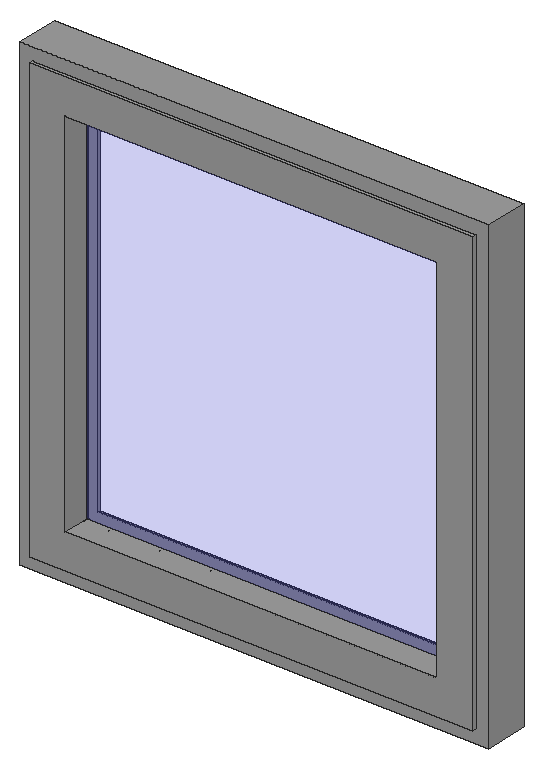
Revit family "3375 IC001_v02", category Windows, host Wall, Revit 2015
Parameters
  Wall Thickness [instance] = 0' - 6"
  URL = "obe.com"
  Rough Width = Width + 0' 0 1/2"  # 3' - 0 1/2"
  Rough Height = Height + 0' 0 1/2"  # 3' - 0 1/2"
  Offset Limitation [instance] = if((Offset + 0' 3 3/8") > Wall Thickness, (Wall Thickness - 0' 3 3/8"), Offset)  # 0' - 0"
  Offset [instance] = 0' - 0"
  Model = "3375 IC001"
  Manufacturer = "Oldcastle BuildingEnvelope®"
  Keynote = "08 51 00"
  Height = 3' - 0"
  Glass Material = Glass
  Gasket Material = Gasket
  Frame Material = Aluminum
  Description = "SIGNATURE SERIES 3375"
  Default Sill Height = 3' - 0"
  Wall Closure = By host
  Width = 3' - 0"
  Assembly Code = "B2020"
Reference planes (in)
  plane 1 "Center (Front/Back)": y = 0
  plane 2: z = 0
  plane 3 "Center (Left/Right)": x = 0
  plane 4 "Left": x = -18.25
  plane 5 "Right": x = 18.25
  plane 6 "Sill": z = 36
  plane 7 "Top": z = 72.5
  plane 8: x = 18
  plane 9: x = -18
  plane 10: z = 72.25
  plane 11: z = 36.25
  plane 12 "Offset": y = 3
  plane 13: z = 38.92815
  plane 14: z = 69.57185
  plane 15 "INT": y = 2.51
  plane 16: z = 54.25
Forms (in)
  Sweep 1, solid, material "Aluminum" <- "Frame Material"
    path origin (0, 3, 0) x (1, 0, 0) y (0, 0, 1)
      loop
        line (-18, 72.5) -> (-18, 36)
    profile origin (-18, 3, 54.25) x (0, -1, 0) y (1, 0, 0)
      loop
        line (0, -0.25) -> (3.375, -0.25) -> (3.375, 1) -> (0.07, 1) -> (0.07, 2) -> (0, 2) -> (0, -0.25)
  Sweep 2, solid, material "Aluminum" <- "Frame Material"
    path origin (0, 3, 0) x (1, 0, 0) y (0, 0, 1)
      loop
        line (18, 72.5) -> (18, 36)
    profile origin (18, 3, 54.25) x (0, -1, 0) y (1, 0, 0)
      loop
        line (0, 0.25) -> (0, -2) -> (0.07, -2) -> (0.07, -1) -> (3.375, -1) -> (3.375, 0.25) -> (0, 0.25)
  Sweep 3, solid, material "Aluminum" <- "Frame Material"
    path origin (0, 3, 0) x (1, 0, 0) y (0, 0, 1)
      loop
        line (18.25, 72.25) -> (-18.25, 72.25)
    profile origin (0, 3, 72.25) x (0, 0, -1) y (0, -1, 0)
      loop
        line (-0.25, 0) -> (2, 0) -> (2, 0.07) -> (1, 0.07) -> (1, 3.375) -> (-0.25, 3.375) -> (-0.25, 0)
  Sweep 4, solid, material "Aluminum" <- "Frame Material"
    path origin (0, 3, 0) x (1, 0, 0) y (0, 0, 1)
      loop
        line (18.25, 36.25) -> (-18.25, 36.25)
    profile origin (0, 3, 36.25) x (0, 0, -1) y (0, -1, 0)
      loop
        line (0.25, 0) -> (0.25, 3.375) -> (-1, 3.375) -> (-1, 0.07) -> (-2, 0.07) -> (-2, 0) -> (0.25, 0)
  Extrusion 5, solid, material "Glass" <- "Glass Material"
    sketch origin (0, 0, 36) x (0, -1, 0) y (1, 0, 0)
      loop
        line (-2.51, -15.32185) -> (-1.51, -15.32185) -> (-1.51, 15.32185) -> (-2.51, 15.32185) -> (-2.51, -15.32185)
    from 2.92815 to 33.57185
  Sweep 6, solid, material "Gasket" <- "Gasket Material", detail levels fine
    path origin (0, 3, 0) x (1, 0, 0) y (0, 0, 1)
      loop
        line (-14.5, 68.75) -> (-14.5, 39.75) -> (14.5, 39.75) -> (14.5, 68.75) -> (-14.5, 68.75)
    profile origin (0, 3, 68.75) x (0, 0, 1) y (0, -1, 0)
      loop
        line (0.24601, 1.615) -> (0.10771, 1.615)
        arc (0.10771, 1.615) -> (0.06234, 1.55084) -> (0.11208, 1.49) r 0.06489
        line (0.11208, 1.49) -> (0.23764, 1.49)
        arc (0.23764, 1.49) -> (0.2875, 1.54944) -> (0.24601, 1.615) r 0.06575
  Sweep 7, solid, material "Aluminum" <- "Frame Material"
    path origin (0, 3, 0) x (1, 0, 0) y (0, 0, 1)
      loop
        line (17.24054, 72.5) -> (-17.24054, 72.5)
    profile origin (0, 3, 72.5) x (0, 0, -1) y (0, -1, 0)
      loop
        line (2.375, 0.11312) -> (2.375, 0) -> (2.67815, 0) -> (2.67815, 0.33) -> (3.75, 0.33) -> (3.75, 0.49) -> (2.92815, 0.49) -> (2.92815, 1.6135) -> (3.75, 1.6135) -> (3.75, 3.705) -> (1.00946, 3.705) -> (1.00946, 3.375) -> (1.71812, 3.375) -> (1.71812, 0.11312) -> (2.375, 0.11312)
  Sweep 8, solid, material "Aluminum" <- "Frame Material"
    path origin (0, 3, 0) x (1, 0, 0) y (0, 0, 1)
      loop
        line (17.24054, 36) -> (-17.24054, 36)
    profile origin (0, 3, 36) x (0, 0, -1) y (0, -1, 0)
      loop
        line (-3.75, 0.33) -> (-2.67815, 0.33) -> (-2.67815, 0) -> (-2.375, 0) -> (-2.375, 0.11312) -> (-1.71812, 0.11312) -> (-1.71812, 3.375) -> (-1.00946, 3.375) -> (-1.00946, 3.705) -> (-3.75, 3.705) -> (-3.75, 1.615) -> (-2.92815, 1.615) -> (-2.92815, 0.49) -> (-3.75, 0.49) -> (-3.75, 0.33)
  Sweep 9, solid, material "Aluminum" <- "Frame Material"
    path origin (0, 3, 0) x (1, 0, 0) y (0, 0, 1)
      loop
        line (-18, 71.49054) -> (-18, 37.71812)
    profile origin (-18, 3, 54.60433) x (0, -1, 0) y (1, 0, 0)
      loop
        line (3.705, 3.5) -> (1.615, 3.5) -> (1.615, 2.67815) -> (0.49, 2.67815) -> (0.49, 3.5) -> (0.33, 3.5) -> (0.33, 2.42815) -> (0, 2.42815) -> (0, 2.125) -> (0.11312, 2.125) -> (0.11312, 1.46812) -> (3.375, 1.46812) -> (3.375, 0.75946) -> (3.705, 0.75946) -> (3.705, 3.5)
  Sweep 10, solid, material "Aluminum" <- "Frame Material"
    path origin (0, 3, 0) x (1, 0, 0) y (0, 0, 1)
      loop
        line (18, 71.49054) -> (18, 37.71812)
    profile origin (18, 3, 54.60433) x (0, -1, 0) y (1, 0, 0)
      loop
        line (1.615, -3.5) -> (3.705, -3.5) -> (3.705, -0.75946) -> (3.375, -0.75946) -> (3.375, -1.46812) -> (0.11312, -1.46812) -> (0.11312, -2.125) -> (0, -2.125) -> (0, -2.42815) -> (0.33, -2.42815) -> (0.33, -3.5) -> (0.49, -3.5) -> (0.49, -2.67815) -> (1.615, -2.67815) -> (1.615, -3.5)
  Sweep 11, void
    path origin (0, 3, 0) x (1, 0, 0) y (0, 0, 1)
      loop
        line (-18, 70.125) -> (-18, 38.375)
    profile origin (-18, 3, 54.25) x (0, -1, 0) y (1, 0, 0)
      loop
        line (0, 2) -> (0.11312, 2) -> (0.11312, 2.125) -> (0, 2.125) -> (0, 2)
  Sweep 12, void
    path origin (0, 3, 0) x (1, 0, 0) y (0, 0, 1)
      loop
        line (15.875, 36.25) -> (-15.875, 36.25)
    profile origin (0, 3, 36.25) x (0, 0, -1) y (0, -1, 0)
      loop
        line (-2, 0) -> (-2, 0.11312) -> (-2.125, 0.11312) -> (-2.125, 0) -> (-2, 0)
  Sweep 13, void
    path origin (0, 3, 0) x (1, 0, 0) y (0, 0, 1)
      loop
        line (18, 38.375) -> (18, 70.125)
    profile origin (18, 3, 54.25) x (-1, 0, 0) y (0, -1, 0)
      loop
        line (2, 0) -> (2.125, 0) -> (2.125, 0.11312) -> (2, 0.11312) -> (2, 0)
  Sweep 14, void
    path origin (0, 3, 0) x (1, 0, 0) y (0, 0, 1)
      loop
        line (16, 72.25) -> (-16, 72.25)
    profile origin (0, 3, 72.25) x (0, 0, -1) y (0, -1, 0)
      loop
        line (2, 0) -> (2.125, 0) -> (2.125, 0.11312) -> (2, 0.11312) -> (2, 0)
Cuts and joins
  Sweep 11, Sweep 12, Sweep 13, Sweep 14 cuts Sweep 1
  Sweep 11, Sweep 12, Sweep 13, Sweep 14 cuts Sweep 2
  Sweep 11, Sweep 12, Sweep 13, Sweep 14 cuts Sweep 3
  Sweep 11, Sweep 12, Sweep 13, Sweep 14 cuts Sweep 4
  Sweep 11, Sweep 12, Sweep 13, Sweep 14 cuts Sweep 7
  Sweep 11, Sweep 12, Sweep 13, Sweep 14 cuts Sweep 8
  Sweep 11, Sweep 12, Sweep 13, Sweep 14 cuts Sweep 9
  Sweep 11, Sweep 12, Sweep 13, Sweep 14 cuts Sweep 10
  joined: Sweep 1, Sweep 2, Sweep 3, Sweep 4, Sweep 7, Sweep 8, Sweep 9, Sweep 10
Lines and regions (in)
  Opening 1
    outline origin (-60, -3, 0) x (1, 0, 0) y (0, 0, 1)
      loop
        line (41.75, 72.5) -> (41.75, 36) -> (78.25, 36) -> (78.25, 72.5) -> (41.75, 72.5)
  model lines, style "Opening Direction"
    curve 1: line (14.5, 3, 68.75) -> (-14.5, 3, 54.25)
    curve 2: line (14.5, 3, 39.75) -> (-14.5, 3, 54.25)
Text (in)
  text "EXTERIOR" at (-58.6888, 50.90694, 0), in view "Ref. Level"
  text "INTERIOR" at (-58.6888, -37.76638, 0), in view "Ref. Level"
  text "Exterior" at (0, 43.65631, 123.19604), in view "Left"
  text "Exterior" at (0, 18.29385, 125.04747), in view "Right"
  text "Min Size\n\n20\" width x 22\" height\n\n\n\nMax Size\n\n48\" x 72\"\n\n\n\n\n\nOperable Width must be less than or equal to height" at (126.82267, 73.18269, 0), in view "Ref. Level"
Dimensions and locks (in)
  equal spacing: plane 4 "Left", plane 3 "Center (Left/Right)", plane 5 "Right"
  "Rough Height": plane 6 "Sill" to plane 7 "Top"
  "Default Sill Height": plane 2 to plane 6 "Sill"
  locked: plane 6 "Sill" to plane 11 at 0.25
  locked: plane 8 to plane 5 "Right" at 0.25
  "Height": plane 11 to plane 10
  "Offset Limitation": plane 12 "Offset" to host wall
  "Wall Thickness": host wall to host wall
  "Width": plane 9 to plane 8
  "Rough Width": plane 4 "Left" to plane 5 "Right"
  Extrusion 5 sketch curve to Extrusion 5 sketch curve to plane 12 "Offset" = 0' - 1" locked, 0' - 0.49" locked
  locked: plane 10 to plane 14 at 2.67815
  locked: plane 13 to plane 11 at 2.67815
  locked: plane 15 "INT" to plane 12 "Offset" at 0.49
  equal spacing: plane 6 "Sill", plane 16, plane 7 "Top"
  aligned and locked: plane 7 "Top" to Opening 1 sketch curve
  aligned and locked: plane 6 "Sill" to Opening 1 sketch curve  (x2)
  aligned and locked: plane 5 "Right" to Opening 1 sketch curve
  aligned and locked: plane 4 "Left" to Opening 1 sketch curve
  aligned and locked: level to plane 2
  aligned and locked: plane 11 to nested 2
  aligned and locked: Sweep 2 sketch curve to plane 8
  aligned and locked: Sweep 1 sketch curve to plane 9
  aligned and locked: plane 10 to Sweep 3 sketch curve
  aligned and locked: plane 11 to Sweep 4 sketch curve
  aligned and locked: Extrusion 5 to plane 13
  aligned and locked: plane 14 to Extrusion 5
  aligned and locked: plane 3 "Center (Left/Right)" to nested 2
  aligned and locked: plane 12 "Offset" to nested 2
  aligned and locked: plane 3 "Center (Left/Right)" to nested 1
  aligned and locked: plane 12 "Offset" to nested 1
  aligned and locked: plane 7 "Top" to Sweep 7 sketch curve
  aligned and locked: Sweep 9 sketch curve to plane 9
  aligned and locked: Sweep 10 sketch curve to plane 8
  aligned and locked: Sweep 11 sketch curve to plane 9
  aligned and locked: plane 11 to Sweep 12 sketch curve
  aligned and locked: plane 8 to Sweep 13 sketch curve
  aligned and locked: plane 10 to Sweep 14 sketch curve
  aligned and locked: plane 16 to curve 2
Automatic sketch dimensions
  Sweep 1 sketch curve to plane 6 "Sill" = 0' - 0"
  Sweep 1 sketch curve to plane 7 "Top" = 0' - 0"
  plane 12 "Offset" to Sweep 1 sketch curve = 0' - 0"
  profile plane to Sweep 1 sketch curve = 0' - 0 1/4"
  Sweep 2 sketch curve to plane 6 "Sill" = 0' - 0"
  Sweep 2 sketch curve to plane 7 "Top" = 0' - 0"
  profile plane to Sweep 2 sketch curve = 0' - 2"
  Sweep 2 sketch curve to profile plane = 0' - 0 1/4"
  plane 4 "Left" to Sweep 3 sketch curve = 0' - 0"
  plane 5 "Right" to Sweep 3 sketch curve = 0' - 0"
  profile plane to Sweep 3 sketch curve = 0' - 0 1/4"
  plane 4 "Left" to Sweep 4 sketch curve = 0' - 0"
  plane 5 "Right" to Sweep 4 sketch curve = 0' - 0"
  Extrusion 5 sketch curve to plane 9 = 0' - 2.67815"
  plane 8 to Extrusion 5 sketch curve = 0' - 2.67815"
  plane 13 to Sweep 6 sketch curve = 0' - 0.82185"
  Sweep 6 sketch curve to plane 9 = 0' - 3 1/2"
  plane 8 to Sweep 6 sketch curve = 0' - 3 1/2"
  Sweep 6 sketch curve to plane 14 = 0' - 0.82185"
  Sweep 6 sketch curve to profile plane = 0' - 0.11208"
  Sweep 6 sketch curve to Sweep 6 sketch curve = 0' - 0.01512"
  Sweep 6 sketch curve to Sweep 6 sketch curve = 0' - 0.0947"
  Sweep 6 sketch curve to Sweep 6 sketch curve = 0' - 0.01575"
  plane 12 "Offset" to Sweep 6 sketch curve = 0' - 1.49"
  Sweep 6 sketch curve to Sweep 6 sketch curve = 0' - 0.0631"
  Sweep 6 sketch curve to Sweep 6 sketch curve = 0' - 0.01948"
  Sweep 6 sketch curve to Sweep 6 sketch curve = 0' - 0.02412"
  plane 12 "Offset" to Sweep 2 sketch curve = 0' - 0.07"
  Sweep 2 sketch curve to Sweep 2 sketch curve = 0' - 3.305"
  profile plane to Sweep 2 sketch curve = 0' - 1"
  plane 12 "Offset" to Sweep 2 sketch curve = 0' - 0"
  plane 12 "Offset" to Sweep 1 sketch curve = 0' - 0.07"
  Sweep 1 sketch curve to profile plane = 0' - 1"
  Sweep 1 sketch curve to Sweep 1 sketch curve = 0' - 1"
  Sweep 1 sketch curve to Sweep 1 sketch curve = 0' - 3.305"
  Sweep 3 sketch curve to profile plane = 0' - 1"
  plane 12 "Offset" to Sweep 3 sketch curve = 0' - 0.07"
  Sweep 3 sketch curve to Sweep 3 sketch curve = 0' - 3.305"
  Sweep 3 sketch curve to plane 12 "Offset" = 0' - 0"
  Sweep 3 sketch curve to Sweep 3 sketch curve = 0' - 1"
  Sweep 7 sketch curve to plane 9 = 0' - 0.75946"
  plane 8 to Sweep 7 sketch curve = 0' - 0.75946"
  Sweep 7 sketch curve to plane 12 "Offset" = 0' - 0"
  Sweep 7 sketch curve to profile plane = 0' - 1.00946"
  Sweep 7 sketch curve to Sweep 7 sketch curve = 0' - 0.70866"
  Sweep 7 sketch curve to Sweep 7 sketch curve = 0' - 0.65688"
  Sweep 7 sketch curve to Sweep 7 sketch curve = 0' - 0.30315"
  Sweep 7 sketch curve to Sweep 7 sketch curve = 0' - 0 1/4"
  Sweep 7 sketch curve to Sweep 7 sketch curve = 0' - 0.82185"  (x2)
  plane 12 "Offset" to Sweep 7 sketch curve = 0' - 0.33"
  plane 12 "Offset" to Sweep 7 sketch curve = 0' - 0.11312"
  Sweep 7 sketch curve to Sweep 7 sketch curve = 0' - 0.16"
  Sweep 7 sketch curve to Sweep 7 sketch curve = 0' - 1.1235"
  Sweep 7 sketch curve to Sweep 7 sketch curve = 0' - 1.7615"
  Sweep 7 sketch curve to Sweep 7 sketch curve = 0' - 0.33"
  Sweep 8 sketch curve to plane 4 "Left" = 0' - 1.00946"
  plane 5 "Right" to Sweep 8 sketch curve = 0' - 1.00946"
  Sweep 8 sketch curve to plane 6 "Sill" = 0' - 0"
  plane 12 "Offset" to Sweep 8 sketch curve = 0' - 0.33"
  Sweep 8 sketch curve to Sweep 8 sketch curve = 0' - 0"
  Sweep 8 sketch curve to Sweep 8 sketch curve = 0' - 0.82185"
  Sweep 8 sketch curve to Sweep 8 sketch curve = 0' - 0 1/4"
  profile plane to Sweep 8 sketch curve = 0' - 1.71812"
  Sweep 8 sketch curve to Sweep 8 sketch curve = 0' - 0.70866"
  Sweep 8 sketch curve to Sweep 8 sketch curve = 0' - 0.16"
  Sweep 8 sketch curve to Sweep 8 sketch curve = 0' - 1 1/8"
  Sweep 8 sketch curve to Sweep 8 sketch curve = 0' - 1.76"
  Sweep 8 sketch curve to Sweep 8 sketch curve = 0' - 0.33"
  Sweep 8 sketch curve to Sweep 8 sketch curve = 0' - 0.30315"
  profile plane to Sweep 8 sketch curve = 0' - 2 3/8"
  Sweep 8 sketch curve to Sweep 8 sketch curve = 0' - 0.11312"
  Sweep 8 sketch curve to plane 12 "Offset" = 0' - 0"
  Sweep 4 sketch curve to plane 12 "Offset" = 0' - 0"
  profile plane to Sweep 4 sketch curve = 0' - 2"
  plane 12 "Offset" to Sweep 4 sketch curve = 0' - 0.07"
  profile plane to Sweep 4 sketch curve = 0' - 1"
  Sweep 4 sketch curve to profile plane = 0' - 0 1/4"
  Sweep 4 sketch curve to Sweep 4 sketch curve = 0' - 3.305"
  Sweep 9 sketch curve to plane 13 = 0' - 1.21003"
  plane 10 to Sweep 9 sketch curve = 0' - 0.75946"
  plane 12 "Offset" to Sweep 9 sketch curve = 0' - 0"
  plane 12 "Offset" to Sweep 9 sketch curve = 0' - 0.11312"
  Sweep 9 sketch curve to Sweep 9 sketch curve = 0' - 0.33"  (x2)
  Sweep 9 sketch curve to Sweep 9 sketch curve = 0' - 0.16"
  Sweep 9 sketch curve to Sweep 9 sketch curve = 0' - 1 1/8"
  Sweep 9 sketch curve to profile plane = 0' - 0.75946"
  Sweep 9 sketch curve to Sweep 9 sketch curve = 0' - 1.76"
  Sweep 9 sketch curve to Sweep 9 sketch curve = 0' - 0.70866"
  Sweep 9 sketch curve to Sweep 9 sketch curve = 0' - 0.65688"
  Sweep 9 sketch curve to Sweep 9 sketch curve = 0' - 0.30315"
  Sweep 9 sketch curve to Sweep 9 sketch curve = 0' - 0 1/4"
  Sweep 9 sketch curve to Sweep 9 sketch curve = 0' - 0.82185"  (x2)
  Sweep 10 sketch curve to plane 13 = 0' - 1.21003"
  plane 10 to Sweep 10 sketch curve = 0' - 0.75946"
  plane 12 "Offset" to Sweep 10 sketch curve = 0' - 0"
  plane 12 "Offset" to Sweep 10 sketch curve = 0' - 0.11312"
  Sweep 10 sketch curve to Sweep 10 sketch curve = 0' - 0.33"  (x2)
  Sweep 10 sketch curve to Sweep 10 sketch curve = 0' - 0.16"
  Sweep 10 sketch curve to Sweep 10 sketch curve = 0' - 1 1/8"
  profile plane to Sweep 10 sketch curve = 0' - 0.75946"
  Sweep 10 sketch curve to Sweep 10 sketch curve = 0' - 1.76"
  profile plane to Sweep 10 sketch curve = 0' - 1.46812"
  Sweep 10 sketch curve to Sweep 10 sketch curve = 0' - 0.65688"
  Sweep 10 sketch curve to Sweep 10 sketch curve = 0' - 0.30315"
  Sweep 10 sketch curve to Sweep 10 sketch curve = 0' - 0 1/4"
  Sweep 10 sketch curve to Sweep 10 sketch curve = 0' - 0.82185"  (x2)
  plane 12 "Offset" to Sweep 11 sketch curve = 0' - 0"
  plane 12 "Offset" to Sweep 11 sketch curve = 0' - 0.11312"
  Sweep 11 sketch curve to profile plane = 0' - 2"
  Sweep 11 sketch curve to Sweep 11 sketch curve = 0' - 0 1/8"
  Sweep 11 sketch curve to plane 13 = 0' - 0.55315"
  plane 14 to Sweep 11 sketch curve = 0' - 0.55315"
  Sweep 12 sketch curve to plane 9 = 0' - 2 1/8"
  plane 8 to Sweep 12 sketch curve = 0' - 2 1/8"
  Sweep 12 sketch curve to plane 12 "Offset" = 0' - 0"
  profile plane to Sweep 12 sketch curve = 0' - 2 1/8"
  Sweep 12 sketch curve to Sweep 12 sketch curve = 0' - 0 1/8"
  plane 12 "Offset" to Sweep 12 sketch curve = 0' - 0.11312"
  Sweep 13 sketch curve to plane 13 = 0' - 0.55315"
  plane 10 to Sweep 13 sketch curve = 0' - 2 1/8"
  plane 12 "Offset" to Sweep 13 sketch curve = 0' - 0"
  plane 12 "Offset" to Sweep 13 sketch curve = 0' - 0.11312"
  Sweep 13 sketch curve to profile plane = 0' - 2"
  Sweep 13 sketch curve to Sweep 13 sketch curve = 0' - 0 1/8"
  Sweep 14 sketch curve to plane 9 = 0' - 2"
  plane 8 to Sweep 14 sketch curve = 0' - 2"
  Sweep 14 sketch curve to plane 12 "Offset" = 0' - 0"
  plane 12 "Offset" to Sweep 14 sketch curve = 0' - 0.11312"
  Sweep 14 sketch curve to profile plane = 0' - 2"
  Sweep 14 sketch curve to Sweep 14 sketch curve = 0' - 0 1/8"
  curve 1 to plane 9 = 0' - 3 1/2"
  plane 13 to curve 2 = 0' - 0.82185"
  plane 8 to curve 2 = 0' - 3 1/2"
  curve 1 to plane 14 = 0' - 0.82185"
  plane 8 to curve 1 = 0' - 3 1/2"
Nested families (in)
  nested 1: "S-3375 LAP-Plan View" at (0, 3, 0), Default Sill Height <- "Default Sill Height", Height <- "Height", Width <- "Width", type "S-3375 LAP-Plan View"
    with Width 3' - 0", Height 3' - 0", Default Sill Height 3' - 0"
  nested 2: "S-3375 LAP-Section Operable" at (0, 3, 0.25), Default Sill Height <- "Default Sill Height", Height <- "Height", Width <- "Width", type "S-3375 LAP-Section Operable"
    with Width 3' - 0", Height 3' - 0", Default Sill Height 3' - 0"
Definition of nested family "S-3375 LAP-Plan View"
  Parameters (values of type "S-3375 LAP-Plan View")
    Width [instance] = 3' - 0"
    Height [instance] = 4' - 0"
    Default Sill Height [instance] = 3' - 0"
    Analytic Construction = "<None>"
  Reference planes (in)
    plane 1 "Center (Front/Back)": y = 0
    plane 2: z = 0
    plane 3 "Center (Left/Right)": x = 0
    plane 4: z = 36
  Lines and regions (in)
    model lines, not visible
      curve 1: line (0, 0, 36) -> (0, 0, 84)
  Dimensions and locks (in)
    "Default Sill Height": plane 4 to plane 2
    "Height": plane 4 to curve 1
    aligned and locked: plane 2 to level
    aligned and locked: plane 3 "Center (Left/Right)" to nested 1
    aligned and locked: plane 1 "Center (Front/Back)" to nested 1
  Automatic sketch dimensions
    curve 1 to plane 1 "Center (Front/Back)" = 0' - 0"
    plane 4 to curve 1 = 0' - 0"
  Nested families (in)
    nested 1: "S-3375 LAP-Plan View" at (-12, 0, 0), Width <- "Width", type "S-3375 LAP-Plan View"
      with Width 3' - 0"
  Definition of nested family "S-3375 LAP-Plan View"
    Parameters (values of type "S-3375 LAP-Plan View")
      Width [instance] = 2' - 0"
    Reference planes (in)
      plane 1 "Center (Front/Back)": y = 0
      plane 2: z = 0
      plane 3 "C": x = 0
      plane 4: x = 24
      plane 5: x = 21.32185
      plane 6: x = 2.67815
      plane 7 "Center (Left/Right)": x = 12
    Lines and regions (in)
      detail lines, in view "Ref. Level"
        curve 1: line (21.32185, -0.49, 0) -> (2.67815, -0.49, 0)
        curve 2: line (2.67815, -1.49, 0) -> (21.32185, -1.49, 0)
    Dimensions and locks (in)
      "Width": plane 3 "C" to plane 4
      locked: plane 3 "C" to plane 6 at 2.67815
      locked: plane 5 to plane 4 at 2.67815
      equal spacing: plane 3 "C", plane 7 "Center (Left/Right)", plane 4
      aligned and locked: nested 1 to plane 4
      aligned and locked: nested 1 to plane 1 "Center (Front/Back)"
      aligned and locked: nested 2 to plane 3 "C"
      aligned and locked: nested 2 to plane 1 "Center (Front/Back)"
      aligned and locked: plane 5 to curve 2
      aligned and locked: plane 5 to curve 1
      aligned and locked: plane 6 to curve 1
      aligned and locked: plane 6 to curve 2
    Automatic sketch dimensions
      plane 1 "Center (Front/Back)" to curve 2 = 0' - 1.49"
      plane 1 "Center (Front/Back)" to curve 1 = 0' - 0.49"
    Nested families (in)
      nested 1: "S-3375 LAP-JAMB L" at (24, 0, 0) x (-1, 0, 0) z (0, 0, 1), type "S-3375 LAP-JAMB L", in view "Ref. Level"
      nested 2: "S-3375 LAP-JAMB R" at (0, 0, 0) x (-1, 0, 0) z (0, 0, 1), type "S-3375 LAP-JAMB R", in view "Ref. Level"
    Definition of nested family "S-3375 LAP-JAMB L"
      Reference planes (in)
        plane 1 "Center (Front/Back)": y = 0
        plane 2: z = 0
        plane 3 "Center (Left/Right)": x = 0
      Lines and regions (in)
        detail lines, in view "Ref. Level"
          curve 1: line (3.5, 3.705, 0) -> (0.75946, 3.705, 0)
          curve 2: line (0.75946, 3.705, 0) -> (0.75946, 3.375, 0)
          curve 3: line (0.75946, 3.375, 0) -> (-0.25, 3.375, 0)
          curve 4: line (-0.25, 3.375, 0) -> (-0.25, 0, 0)
          curve 5: line (-0.25, 0, 0) -> (2.42815, 0, 0)
          curve 6: line (2.42815, 0, 0) -> (2.42815, 0.33, 0)
          curve 7: line (2.42815, 0.33, 0) -> (3.5, 0.33, 0)
          curve 8: line (3.5, 0.33, 0) -> (3.5, 0.49, 0)
          curve 9: line (3.5, 0.49, 0) -> (2.67815, 0.49, 0)
          curve 10: line (2.67815, 0.49, 0) -> (2.67815, 1.49, 0)
          curve 11: line (2.67815, 1.49, 0) -> (3.5, 1.49, 0)
          curve 12: line (3.5, 1.49, 0) -> (3.5, 3.705, 0)
    Definition of nested family "S-3375 LAP-JAMB R"
      Reference planes (in)
        plane 1 "Center (Front/Back)": y = 0
        plane 2: z = 0
        plane 3 "Center (Left/Right)": x = 0
      Lines and regions (in)
        detail lines, in view "Ref. Level"
          curve 1: line (-3.5, 3.705, 0) -> (-0.75946, 3.705, 0)
          curve 2: line (-0.75946, 3.705, 0) -> (-0.75946, 3.375, 0)
          curve 3: line (-0.75946, 3.375, 0) -> (0.25, 3.375, 0)
          curve 4: line (0.25, 3.375, 0) -> (0.25, 0, 0)
          curve 5: line (0.25, 0, 0) -> (-2.42815, 0, 0)
          curve 6: line (-2.42815, 0, 0) -> (-2.42815, 0.33, 0)
          curve 7: line (-2.42815, 0.33, 0) -> (-3.5, 0.33, 0)
          curve 8: line (-3.5, 0.33, 0) -> (-3.5, 0.49, 0)
          curve 9: line (-3.5, 0.49, 0) -> (-2.67815, 0.49, 0)
          curve 10: line (-2.67815, 0.49, 0) -> (-2.67815, 1.49, 0)
          curve 11: line (-2.67815, 1.49, 0) -> (-3.5, 1.49, 0)
          curve 12: line (-3.5, 1.49, 0) -> (-3.5, 3.705, 0)
Definition of nested family "S-3375 LAP-Section Operable"
  Parameters (values of type "S-3375 LAP-Section Operable")
    Width [instance] = 3' - 0"
    Rough Width = 3' - 0"
    Height [instance] = 3' - 0"
    Default Sill Height [instance] = 3' - 0"
    Analytic Construction = "<None>"
  Reference planes (in)
    plane 1 "Center (Front/Back)": y = 0
    plane 2: z = 0
    plane 3 "Center (Left/Right)": x = 0
    plane 4: z = 36
  Lines and regions (in)
    model lines, not visible
      curve 1: line (-18, 0, 0) -> (18, 0, 0)
  Dimensions and locks (in)
    equal spacing: curve 1, plane 3 "Center (Left/Right)", curve 1
    "Width": curve 1 to curve 1
    "Default Sill Height": plane 4 to plane 2
    aligned and locked: plane 2 to level
    aligned and locked: plane 1 "Center (Front/Back)" to curve 1
    aligned and locked: nested 1 to plane 4
    aligned and locked: nested 1 to plane 1 "Center (Front/Back)"
  Nested families (in)
    nested 1: "S-3375 LAP-Section Operable" at (0, 0, 36) x (0, -1, 0) z (1, 0, 0), Height <- "Height", type "S-3375 LAP-Section Operable"
      with Height 3' - 0"
  Definition of nested family "S-3375 LAP-Section Operable"
    Parameters (values of type "S-3375 LAP-Section Operable")
      Height [instance] = 3' - 0"
    Reference planes (in)
      plane 1 "Center (Front/Back)": y = 0
      plane 2: z = 0
      plane 3 "Center (Left/Right)": x = 0
      plane 4: y = 36
      plane 5: y = 33.32185
      plane 6: y = 2.67815
    Lines and regions (in)
      detail lines, in view "Ref. Level"
        curve 1: line (0.49, 2.67815, 0) -> (0.49, 33.32185, 0)
        curve 2: line (1.49, 2.67815, 0) -> (1.49, 33.32185, 0)
    Dimensions and locks (in)
      "Height": plane 1 "Center (Front/Back)" to plane 4
      locked: plane 6 to plane 1 "Center (Front/Back)" at 2.67815
      locked: plane 4 to plane 5 at 2.67815
      aligned and locked: plane 1 "Center (Front/Back)" to nested 1
      aligned and locked: plane 3 "Center (Left/Right)" to nested 1
      aligned and locked: plane 3 "Center (Left/Right)" to nested 2
      aligned and locked: nested 2 to plane 4
      aligned and locked: plane 5 to curve 1
      aligned and locked: plane 5 to curve 2
      aligned and locked: plane 6 to curve 2
      aligned and locked: plane 6 to curve 1
    Automatic sketch dimensions
      plane 3 "Center (Left/Right)" to curve 1 = 0' - 0.49"
      plane 3 "Center (Left/Right)" to curve 2 = 0' - 1.49"
    Nested families (in)
      nested 1: "S-3375 LAP-SILL" at (0, 0, 0), type "S-3375 LAP-SILL", in view "Ref. Level"
      nested 2: "S-3375 LAP-HEAD" at (0, 36, 0), type "S-3375 LAP-HEAD", in view "Ref. Level"
    Definition of nested family "S-3375 LAP-SILL"
      Reference planes (in)
        plane 1 "Center (Front/Back)": y = 0
        plane 2: z = 0
        plane 3 "Center (Left/Right)": x = 0
      Lines and regions (in)
        detail lines, in view "Ref. Level"
          curve 1: line (3.705, 0.75946, 0) -> (3.705, 3.5, 0)
          curve 2: line (3.705, 3.5, 0) -> (1.49, 3.5, 0)
          curve 3: line (1.49, 3.5, 0) -> (1.49, 2.67815, 0)
          curve 4: line (1.49, 2.67815, 0) -> (0.49, 2.67815, 0)
          curve 5: line (0.49, 2.67815, 0) -> (0.49, 3.5, 0)
          curve 6: line (0.49, 3.5, 0) -> (0.33, 3.5, 0)
          curve 7: line (0.33, 3.5, 0) -> (0.33, 2.42815, 0)
          curve 8: line (0.33, 2.42815, 0) -> (0, 2.42815, 0)
          curve 9: line (0, 2.42815, 0) -> (0, -0.25, 0)
          curve 10: line (0, -0.25, 0) -> (3.375, -0.25, 0)
          curve 11: line (3.375, -0.25, 0) -> (3.375, 0.75946, 0)
          curve 12: line (3.375, 0.75946, 0) -> (3.705, 0.75946, 0)
    Definition of nested family "S-3375 LAP-HEAD"
      Reference planes (in)
        plane 1 "Center (Front/Back)": y = 0
        plane 2: z = 0
        plane 3 "Center (Left/Right)": x = 0
      Lines and regions (in)
        detail lines, in view "Ref. Level"
          curve 1: line (3.705, -0.75946, 0) -> (3.705, -3.5, 0)
          curve 2: line (3.705, -3.5, 0) -> (1.49, -3.5, 0)
          curve 3: line (1.49, -3.5, 0) -> (1.49, -2.67815, 0)
          curve 4: line (1.49, -2.67815, 0) -> (0.49, -2.67815, 0)
          curve 5: line (0.49, -2.67815, 0) -> (0.49, -3.5, 0)
          curve 6: line (0.49, -3.5, 0) -> (0.33, -3.5, 0)
          curve 7: line (0.33, -3.5, 0) -> (0.33, -2.42815, 0)
          curve 8: line (0.33, -2.42815, 0) -> (0, -2.42815, 0)
          curve 9: line (0, -2.42815, 0) -> (0, 0.25, 0)
          curve 10: line (0, 0.25, 0) -> (3.375, 0.25, 0)
          curve 11: line (3.375, 0.25, 0) -> (3.375, -0.75946, 0)
          curve 12: line (3.375, -0.75946, 0) -> (3.705, -0.75946, 0)
